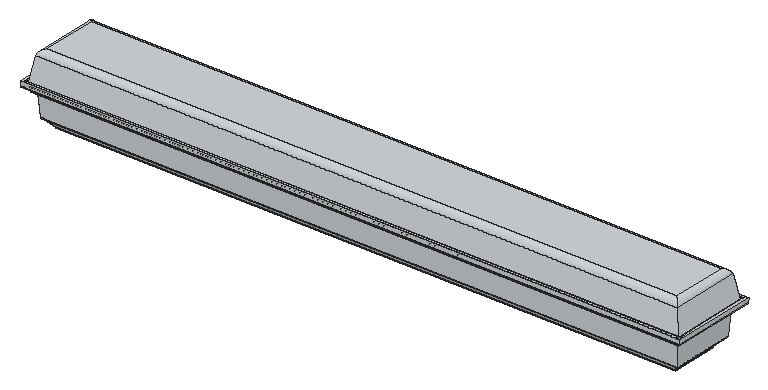
Revit family "Q1", category Lighting Fixtures, host Face, Revit 2025
Family settings
  Host = Face
  Round Connector Dimension = Use Diameter
  Part Type = Normal
  Cut with Voids When Loaded = No
  Light Source = Yes
  Maintain Annotation Orientation = Yes
  Shared = No
  Room Calculation Point = No
Parameters (values of type "METALUX 4VT2-LD4-8-DR-UNV-L835-CD1-WL-U")
  Width = 49 13/16"
  Wattage = 9.2903 W
  built-in parameter 1150110 = 1 (stored number, unit not read)
  URL = "https://www.cooperlighting.com/global/brands/metalux/284381/vt2-led-series/4vt2-ld5-8-dr-unv-l840-cd1-wl-u#BRO"
  built-in parameter 1114217 = 1 (stored number, unit not read)
  built-in parameter 1150109 = 1 (stored number, unit not read)
  built-in parameter 1150134 = 3
  Sweep Margin = 3"
  built-in parameter 1150113 = 1 (stored number, unit not read)
  Nominal Width = Width - (Sweep Margin * 2)  # 43 13/16"
  Model = "METALUX 4VT2-LD4-8-DR-UNV-L835-CD1-WL-U"
  Manufacturer = "Cooper Lighting Solutions"
  built-in parameter 1150105 = 109.82 (stored number, unit not read)
  Lumens = 1380 lm
  built-in parameter 1150115 = 1 (stored number, unit not read)
  Light Source Symbol Size = 24"
  built-in parameter 1150137 = (empty or 0)
  built-in parameter 1150139 = (empty or 0)
  built-in parameter 1150112 = 1 (stored number, unit not read)
  built-in parameter 1150114 = 1 (stored number, unit not read)
  built-in parameter 1150132 = (empty or 0)
  built-in parameter 1150102 = (empty or 0)
  built-in parameter 1150107 = 3200 (stored number, unit not read)
  built-in parameter 1150138 = (empty or 0)
  built-in parameter 1150106 = 1.0982 (stored number, unit not read)
  Height = 6.45575"
  Emit from Line Length = 24"
  built-in parameter 1150104 = 13.8 (stored number, unit not read)
  Dimming Lamp Color Temperature Shift = <None>
  Default Elevation = 48"
  Color Filter = 16777215
  Ballast Voltage = 0 V
  built-in parameter 1114218 = 1 (stored number, unit not read)
  built-in parameter 1150133 = 10 (stored number, unit not read)
  Apparent Load = 0 VA
Reference planes (in)
  plane 1 "Center (Front/Back)": y = 0
  plane 2: z = 0
  plane 3 "Center (Left/Right)": x = 0
  plane 4: y = 0.5
  plane 5: z = 0
  plane 6: x = -19.5047163
  plane 7: x = -16.5268409
  plane 8: y = 0
  plane 9: x = 0
Forms (in)
  Sweep 1, solid, detail levels medium+fine
    path origin (0, -32.2738911, 0) x (1, 0, 0) y (0, 1, 0)
      loop
        line (-21.90625, 32.5238911) -> (-21.90625, 32.0238911) -> (21.90625, 32.0238911) -> (21.90625, 32.5238911) -> (-21.90625, 32.5238911)
    profile origin (0, 0.25, 0) x (0, 1, 0) y (0, 0, 1)
      loop
        line (1.8517777, 2.2280208) -> (0, 2.2280208) -> (0, -2.7744571) -> (0.2770275, -2.7744571) -> (0.5184892, -3.058736) -> (0.5526464, -3.0873973) -> (0.6080021, -3.1002343) -> (1.4023195, -3.1002343)
        arc (1.4023195, -3.1002343) -> (1.4566291, -3.0879562) -> (1.5003753, -3.0535099) r 0.1262521
        line (1.5003753, -3.0535099) -> (1.9422799, -2.5288614) -> (1.977364, -2.5117497)
        arc (1.977364, -2.5117497) -> (2.0626007, -2.4785934) -> (2.1030484, -2.3965652) r 0.1261803
        line (2.1030484, -2.3965652) -> (2.2555141, -0.6536343) -> (2.5283161, -0.6042732) -> (2.5793382, -0.3148419)
        arc (2.5793382, -0.3148419) -> (2.6008914, -0.277474) -> (2.6414339, -0.2627362) r 0.062992
        line (2.6414339, -0.2627362) -> (2.8826411, -0.2627362)
        arc (2.8826411, -0.2627362) -> (2.9252795, -0.2461462) -> (2.9454929, -0.2051013) r 0.0630879
        line (2.9454929, -0.2051013) -> (2.9778753, 0.1681459) -> (2.7854208, 0.1681459)
        arc (2.7854208, 0.1681459) -> (2.7657435, 0.1611198) -> (2.7574287, 0.1419514) r 0.0262523
        line (2.7574287, 0.1419514) -> (2.7574287, 0.110421)
        arc (2.7574287, 0.110421) -> (2.6998587, 0.0475936) -> (2.6322523, 0.0994681) r 0.0630674
        line (2.6322523, 0.0994681) -> (2.3276479, 1.8267446)
        arc (2.3276479, 1.8267446) -> (2.1624608, 2.1136539) -> (1.8517777, 2.2280208) r 0.4856194
  Extrusion 2, solid, detail levels medium+fine
    sketch origin (0, 0, 0) x (1, 0, 0) y (0, 1, 0)
      loop
        line (-23.4066253, 1.7503753) -> (-23.4066253, -1.7503753) -> (23.4066253, -1.7503753) -> (23.4066253, 1.7503753) -> (-23.4066253, 1.7503753)
    from -3.1002343 to 2.2280208
Cuts and joins
  joined: Sweep 1, Extrusion 2
Lines and regions (in)
  symbolic lines
    curve 1: line (-24.90625, 3.2278753, 0) -> (24.90625, 3.2278753, 0)
    curve 2: line (-24.90625, -3.2278753, 0) -> (-24.90625, 3.2278753, 0)
    curve 3: line (24.90625, -3.2278753, 0) -> (-24.90625, -3.2278753, 0)
    curve 4: line (24.90625, 3.2278753, 0) -> (24.90625, -3.2278753, 0)
Dimensions and locks (in)
  Sweep 1 sketch curve to Sweep 1 sketch curve = 1/2"
  equal spacing: Sweep 1 sketch curve, plane 1 "Center (Front/Back)", Sweep 1 sketch curve
  equal spacing: Sweep 1 sketch curve, plane 3 "Center (Left/Right)", Sweep 1 sketch curve
  plane 6 to plane 7 = 2.97788"
  "Nominal Width": Sweep 1 sketch curve to Sweep 1 sketch curve
  cut or joined group of Sweep 1, Extrusion 2 to cut or joined group of Sweep 1, Extrusion 2 = 49.76825"
  "Height": cut or joined group of Sweep 1, Extrusion 2 to cut or joined group of Sweep 1, Extrusion 2
  equal spacing: curve 2, plane 3 "Center (Left/Right)", curve 4
  equal spacing: curve 1, plane 1 "Center (Front/Back)", curve 3
  "Width": curve 2 to curve 4
  "Height": curve 1 to curve 3
  aligned and locked: plane 2 to host face
  aligned and locked: level to host face
  aligned and locked: Sweep 1 to Extrusion 2
  aligned and locked: Extrusion 2 to Sweep 1
  aligned and locked: Extrusion 2 sketch curve to cut or joined group of Sweep 1, Extrusion 2  (x4)
Automatic sketch dimensions
  host sketch curve to host sketch curve = 96"  (x2)
  Sweep 1 sketch curve to profile plane = 0"
  Sweep 1 sketch curve to plane 4 = 0.02703"
  Sweep 1 sketch curve to plane 4 = 0.26849"
  Sweep 1 sketch curve to Sweep 1 sketch curve = 0.03416"
  Sweep 1 sketch curve to Sweep 1 sketch curve = 0.05536"
  Sweep 1 sketch curve to Sweep 1 sketch curve = 0.79432"
  Sweep 1 sketch curve to Sweep 1 sketch curve = 0.09806"
  Sweep 1 sketch curve to plane 4 = 1.59941"
  Sweep 1 sketch curve to Sweep 1 sketch curve = 0.00237"
  Sweep 1 sketch curve to Sweep 1 sketch curve = 0.4419"
  Sweep 1 sketch curve to Sweep 1 sketch curve = 0.03507"
  Sweep 1 sketch curve to Sweep 1 sketch curve = 0.03508"
  Sweep 1 sketch curve to Sweep 1 sketch curve = 0.1257"
  Sweep 1 sketch curve to level = 0.65363"
  Sweep 1 sketch curve to Sweep 1 sketch curve = 0.15247"
  Sweep 1 sketch curve to Sweep 1 sketch curve = 0.47824"
  Sweep 1 sketch curve to level = 0.60427"
  Sweep 1 sketch curve to Sweep 1 sketch curve = 0.2728"
  Sweep 1 sketch curve to level = 0.31484"
  Sweep 1 sketch curve to Sweep 1 sketch curve = 0.05102"
  level to Sweep 1 sketch curve = 0.09947"
  Sweep 1 sketch curve to Sweep 1 sketch curve = 0.05291"
  Sweep 1 sketch curve to Sweep 1 sketch curve = 0.06204"
  Sweep 1 sketch curve to Sweep 1 sketch curve = 0.00005"
  Sweep 1 sketch curve to Sweep 1 sketch curve = 0.06211"
  Sweep 1 sketch curve to Sweep 1 sketch curve = 0.06307"
  Sweep 1 sketch curve to Sweep 1 sketch curve = 0.02625"
  Sweep 1 sketch curve to Sweep 1 sketch curve = 0.00174"
  Sweep 1 sketch curve to Sweep 1 sketch curve = 0.24121"
  Sweep 1 sketch curve to level = 0.2051"
  Sweep 1 sketch curve to Sweep 1 sketch curve = 0.06285"
  level to Sweep 1 sketch curve = 0.16815"
  Sweep 1 sketch curve to Sweep 1 sketch curve = 0.19245"
  Sweep 1 sketch curve to Sweep 1 sketch curve = 1.73194"
  Sweep 1 sketch curve to Sweep 1 sketch curve = 0.011"
  Sweep 1 sketch curve to Sweep 1 sketch curve = 0.01711"
  Sweep 1 sketch curve to Sweep 1 sketch curve = 0.2456"
  Sweep 1 sketch curve to Sweep 1 sketch curve = 0.44512"
  Sweep 1 sketch curve to Sweep 1 sketch curve = 0.07953"
  Sweep 1 sketch curve to Sweep 1 sketch curve = 0.0415"
  Sweep 1 sketch curve to Sweep 1 sketch curve = 0.02866"
  Sweep 1 sketch curve to Sweep 1 sketch curve = 0.01089"
  level to Sweep 1 sketch curve = 1.74241"
  Sweep 1 sketch curve to Sweep 1 sketch curve = 0.08434"
  plane 1 "Center (Front/Back)" to Extrusion 2 sketch curve = 1.75038"
Connectors (in)
  electrical at (0, 1.2233478, -3.1002343), driven by "Ballast Voltage", driven by "Apparent Load"
    settings: on cut or joined group of Sweep 1, Extrusion 2, index 1, voltage 0 V, apparent load 0 VA, apparent load phase1 0 VA, apparent load phase2 0 VA, apparent load phase3 0 VA, power factor 1, load classification "Other", number of poles 1, system type 31, power factor state 1, is connector primary yes, connector utility no, sub classification motor no, connector description ""
